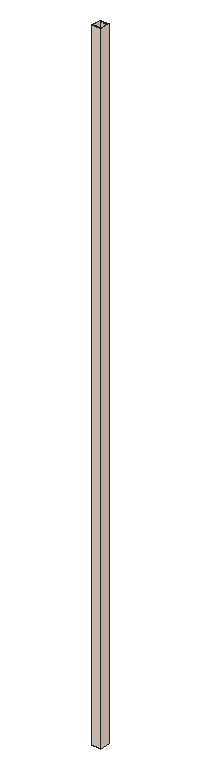
Revit family "SQ-BAR4045", category 機械設備, Revit 2020
Family settings
  丸型コネクタ寸法 = 直径を使用
  種別 = なし
  パーツ タイプ = 標準
  作業面ベース = いいえ
  常に垂直 = はい
  ロード時にボイドで切り取り = いいえ
  共有 = いいえ
  部屋計算ポイント = いいえ
Parameters
  製造元 = "株式会社桐井製作所"
  既定の高さ = 0 mm
  URL = "https://www.kirii.co.jp/"
  K_長さ(mm) [instance] = 3000 mm
  K_材質 = "SGCC　一般用"
  K_断面積A(mm2) = 81.1
  K_断面係数Zy(mm3) = 1027
  K_断面係数Zx(mm3) = 1037
  K_断面2次半径iy(mm) = 16.5
  K_断面2次半径ix(mm) = 17
  K_断面2次モーメントIy(mm4) = 22130
  K_断面2次モーメントIx(mm4) = 23340
  K_外形寸法(mm) = "□40×45"
  K_品名 = "SQ-BAR4045"
  K_名称 = "角型スタッド"
  K_単位質量(kg/m) = 0.659
  K_ヤング係数E(N/mm2) = 205000
  K_バージョン情報 = "20210524"
  K_めっき付着量 = "Z08"
  K_JIS規格 = "JIS G 3302"
Reference planes
  plane 1 "中心(正面/背面)": y = 0
  plane 2: z = 0
  plane 3 "中心(左/右)": x = 0
  plane 4: x = 20
  plane 5: x = -20
  plane 6: y = 22.5
  plane 7: z = 3000
  plane 8: y = -22.5
Forms (mm)
  Extrusion 1, solid
    sketch origin (0.5, -20, 0) x (1, 0, 0) y (0, 1, 0)
      loop
        line (-20.5, 42.5) -> (-20.5, -2.5) -> (19.5, -2.5) -> (19.5, 42.5) -> (-20.5, 42.5)
      loop
        line (-20, 42) -> (-20, -2) -> (19, -2) -> (19, 42) -> (-20, 42)
    from 0 to 3000
Dimensions and locks
  locked: Extrusion 1 sketch curve to Extrusion 1 sketch curve at 0.5  (x4)
  "K_長さ(mm)": plane 7 to level
  aligned and locked: level to plane 2
  aligned and locked: Extrusion 1 sketch curve to plane 6
  aligned and locked: plane 7 to Extrusion 1
  aligned and locked: plane 6 to Extrusion 1
  aligned and locked: Extrusion 1 to plane 8
  aligned and locked: plane 4 to Extrusion 1
  aligned and locked: Extrusion 1 to plane 5
Automatic sketch dimensions
  Extrusion 1 sketch curve to plane 4 = 0.5 mm
  plane 5 to Extrusion 1 sketch curve = 0.5 mm
  plane 1 "中心(正面/背面)" to Extrusion 1 sketch curve = 22 mm
